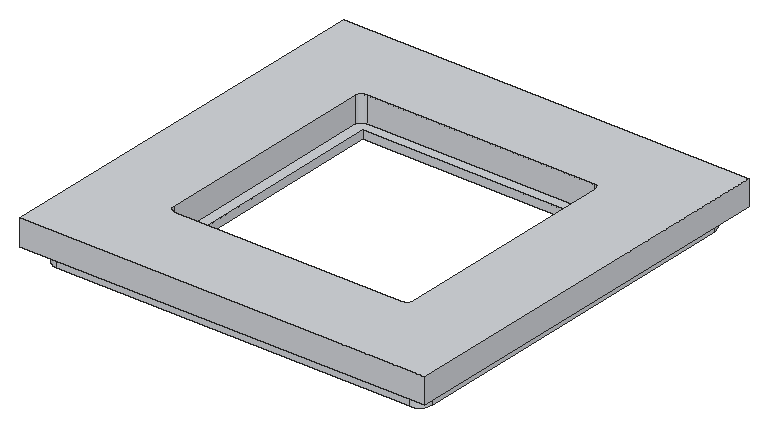
Revit family "Gira_021112", category Electrical Fixtures, host Face, Revit 2017
Family settings
  Host = Face
  Maintain Annotation Orientation = No
  Round Connector Dimension = Use Diameter
  Part Type = Normal
  Cut with Voids When Loaded = No
  Shared = No
  Room Calculation Point = No
Parameters (values of type "Cov.fr. 1-g Gira Esprit white gl.")
  With mounting grid = "No"
  With hinged lid = "No"
  URL = "http://katalog.gira.de/en/datenblatt.html?artikelnr=021112"
  Type of fastening = "Clamp mounting"
  Transparent = "No"
  Surface protection = "Other"
  Suitable for wall duct = "No"
  Suitable for flush-mounted installation = "Yes"
  Suitable for floor box = "No"
  Suitable for built-in installation = "No"
  Number of units vertical = "1"
  Number of units horizontal = "1"
  Number of units = "1"
  Name = "Cov.fr. 1-g Gira Esprit white gl."
  Mounting direction = "Horizontal and vertical"
  Material quality = "Real glass"
  Material = "Glass"
  Manufacturer URL = "https://www.gira.de/"
  Manufacturer = "Gira"
  Label space/information surface = "No"
  Keynote = ""
  HeinzeBIM = "https://bimportal.heinze.de/bim/cov-fr-1-g-gira-esprit-white-gl-/cf7beb50583d443a226013fda61d0208f9320a16"
  Halogen free = "No"
  HAN = "021112"
  GTIN = "4010337211129"
  Description = "Cov.fr.1g Espr. GWh,Gira Esprit cover frame,white glass,1-gang,"
  Degree of protection (IP) = "IP20"
  Default Elevation = 1219.2 mm
  Data sheet (1) = "https://katalog.gira.de/en/download.html?artikelnr=021112"
  Colour = "White"
  Category = "Cover frame for domestic switching devices"
  BIM (1) = "https://media.stage.bim.site/public/gira/36a6b08/Espr._Rahmen_1fach.rfa"
  Available = "No"
Reference planes
  plane 1 "Center (Front/Back)": y = 0
  plane 2: z = 0
  plane 3 "Center (Left/Right)": x = 0
Forms (mm)
  Extrusion 1, solid, detail levels fine
    sketch origin (0, 0, 0) x (1, 0, 0) y (0, 1, 0)
      loop
        line (-47.5, 47.5) -> (-47.5, -47.5) -> (47.5, -47.5) -> (47.5, 47.5) -> (-47.5, 47.5)
      loop
        arc (-28.2, -26.7) -> (-27.761, -27.761) -> (-26.7, -28.2) r 1.5
        line (-26.7, -28.2) -> (26.7, -28.2)
        arc (26.7, -28.2) -> (27.761, -27.761) -> (28.2, -26.7) r 1.5
        line (28.2, -26.7) -> (28.2, 26.7)
        arc (28.2, 26.7) -> (27.761, 27.761) -> (26.7, 28.2) r 1.5
        line (26.7, 28.2) -> (-26.7, 28.2)
        arc (-26.7, 28.2) -> (-27.761, 27.761) -> (-28.2, 26.7) r 1.5
        line (-28.2, 26.7) -> (-28.2, -26.7)
    from 0 to 6
  Extrusion 2, solid, detail levels fine
    sketch origin (0, 0, 0) x (1, 0, 0) y (0, 1, 0)
      loop
        line (-25.7, -25.7) -> (25.7, -25.7) -> (25.7, 25.7) -> (-25.7, 25.7) -> (-25.7, -25.7)
      loop
        arc (-43.1, -41.3) -> (-42.573, -42.573) -> (-41.3, -43.1) r 1.8
        line (-41.3, -43.1) -> (41.3, -43.1)
        arc (41.3, -43.1) -> (42.573, -42.573) -> (43.1, -41.3) r 1.8
        line (43.1, -41.3) -> (43.1, 41.3)
        arc (43.1, 41.3) -> (42.573, 42.573) -> (41.3, 43.1) r 1.8
        line (41.3, 43.1) -> (-41.3, 43.1)
        arc (-41.3, 43.1) -> (-42.573, 42.573) -> (-43.1, 41.3) r 1.8
        line (-43.1, 41.3) -> (-43.1, -41.3)
    from -1.9 to 0
  Extrusion 3, solid, detail levels fine
    sketch origin (0, 0, 0) x (1, 0, 0) y (0, 1, 0)
      loop
        arc (-41.4, 44.4) -> (-43.521, 43.521) -> (-44.4, 41.4) r 3
        line (-44.4, 41.4) -> (-44.4, -41.4)
        arc (-44.4, -41.4) -> (-43.521, -43.521) -> (-41.4, -44.4) r 3
        line (-41.4, -44.4) -> (41.4, -44.4)
        arc (41.4, -44.4) -> (43.521, -43.521) -> (44.4, -41.4) r 3
        line (44.4, -41.4) -> (44.4, 41.4)
        arc (44.4, 41.4) -> (43.521, 43.521) -> (41.4, 44.4) r 3
        line (41.4, 44.4) -> (-41.4, 44.4)
      loop
        line (-43.1, 41.3) -> (-43.1, -41.3)
        arc (-43.1, -41.3) -> (-42.573, -42.573) -> (-41.3, -43.1) r 1.8
        line (-41.3, -43.1) -> (41.3, -43.1)
        arc (41.3, -43.1) -> (42.573, -42.573) -> (43.1, -41.3) r 1.8
        line (43.1, -41.3) -> (43.1, 41.3)
        arc (43.1, 41.3) -> (42.573, 42.573) -> (41.3, 43.1) r 1.8
        line (41.3, 43.1) -> (-41.3, 43.1)
        arc (-41.3, 43.1) -> (-42.573, 42.573) -> (-43.1, 41.3) r 1.8
    from -3.7 to 0
  Extrusion 4, solid, detail levels medium
    sketch origin (0, 0, 0) x (1, 0, 0) y (0, 1, 0)
      loop
        line (-47.5, 47.5) -> (-47.5, -47.5) -> (47.5, -47.5) -> (47.5, 47.5) -> (-47.5, 47.5)
    from 0 to 6
  Extrusion 5, solid, detail levels medium
    sketch origin (0, 0, 0) x (1, 0, 0) y (0, 1, 0)
      loop
        line (-44.4, 44.4) -> (-44.4, -44.4) -> (44.4, -44.4) -> (44.4, 44.4) -> (-44.4, 44.4)
    from -3.7 to 0
  Extrusion 6, solid, detail levels coarse
    sketch origin (0, 0, 0) x (1, 0, 0) y (0, 1, 0)
      loop
        line (-47.5, 47.5) -> (-47.5, -47.5) -> (47.5, -47.5) -> (47.5, 47.5) -> (-47.5, 47.5)
    from -3.7 to 6
Dimensions and locks
  aligned and locked: plane 2 to host face
  aligned and locked: level to host face
